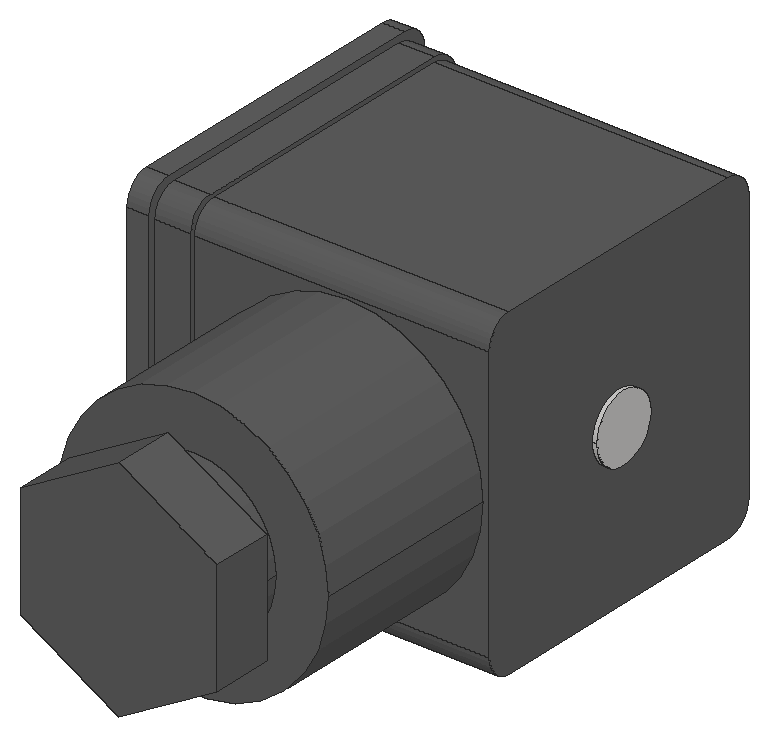
Revit family "Cable plug_IP65_RFA", category Pipe Accessories, Revit 2019
Family settings
  Round Connector Dimension = Use Diameter
  Part Type = Normal
  OmniClass Number = 23.65.55.14.17
  OmniClass Title = Adjusting/Controlling Valves for Liquid Services
  Work Plane-Based = No
  Always vertical = Yes
  Cut with Voids When Loaded = No
  Shared = Yes
Parameters (values of type "Cable plug IP65_042N1278")
  Weight = 0.03 kg
  W = 50.5 mm
  URL = "https://store.danfoss.com/en/Climate-Solutions-for-cooling/Valves/Spare-Parts-and-Accessories-for-Valves/Spare-part%2C-042N-Coil-Type-B%3B-018F-Coil-Type-B%3B-018Z-Coil-Type-B%2C-Cable-plug/p/042N1278"
  Model Type = "Cable plug IP65"
  Model = "042N1278"
  Manufacturer = "Danfoss"  # constant formula
  LOD 350 [instance] = not(LOD 200)  # yes
  LOD 200 [instance] = no
  L = 31.734 mm
  IfcExportType = "Cable plug"  # constant formula
  IfcExportAs = "IfcValveType"  # constant formula
  H = 28 mm
  Description = "Cable plug"  # constant formula
  Body Material = Danfoss Polyamide Black (GF reinforced)
Reference planes
  plane 1 "Center (Front/Back)": y = 0
  plane 2: z = 0
  plane 3 "Center (Left/Right)": x = 0
  plane 4: z = 14
  plane 5: x = 11.534
  plane 6: x = -20.2
  plane 7: y = 14
  plane 8: z = -14
  plane 9: y = -36.5
  plane 10: z = 0
Forms (mm)
  Extrusion 1, solid, material "Danfoss Polyamide Black (GF reinforced)" <- "Body Material", visible <- "LOD 350"
    sketch origin (0, 0, 0) x (0, 1, 0) y (0, 0, 1)
      loop
        arc (-11.2, 13.2) -> (-12.614, 12.614) -> (-13.2, 11.2) r 2
        line (-13.2, 11.2) -> (-13.2, -11.12)
        arc (-13.2, -11.12) -> (-12.591, -12.591) -> (-11.12, -13.2) r 2.08
        line (-11.12, -13.2) -> (11.04, -13.2)
        arc (11.04, -13.2) -> (12.567, -12.567) -> (13.2, -11.04) r 2.16
        line (13.2, -11.04) -> (13.2, 11.12)
        arc (13.2, 11.12) -> (12.591, 12.591) -> (11.12, 13.2) r 2.08
        line (11.12, 13.2) -> (-11.2, 13.2)
    from -12.5 to 11.534
  Extrusion 2, solid, material "Danfoss NBR Black", visible <- "LOD 350"
    sketch origin (0, 0, 0) x (0, 1, 0) y (0, 0, 1)
      loop
        arc (-12, 14) -> (-13.414, 13.414) -> (-14, 12) r 2
        line (-14, 12) -> (-14, -11.95)
        arc (-14, -11.95) -> (-13.4, -13.4) -> (-11.95, -14) r 2.05
        line (-11.95, -14) -> (11.968, -14)
        arc (11.968, -14) -> (13.405, -13.405) -> (14, -11.968) r 2.032
        line (14, -11.968) -> (14, 12.03)
        arc (14, 12.03) -> (13.423, 13.423) -> (12.03, 14) r 1.97
        line (12.03, 14) -> (-12, 14)
    from -17.3 to -15.5
  Extrusion 3, solid, material "Danfoss Polyamide Black (GF reinforced)" <- "Body Material", visible <- "LOD 350"
    sketch origin (0, 0, 0) x (0, 1, 0) y (0, 0, 1)
      loop
        arc (-11.525, 13.5) -> (-12.921, 12.921) -> (-13.5, 11.525) r 1.975
        line (-13.5, 11.525) -> (-13.5, -11.464)
        arc (-13.5, -11.464) -> (-12.904, -12.904) -> (-11.464, -13.5) r 2.036
        line (-11.464, -13.5) -> (11.3, -13.5)
        arc (11.3, -13.5) -> (12.856, -12.856) -> (13.5, -11.3) r 2.2
        line (13.5, -11.3) -> (13.5, 11.287)
        arc (13.5, 11.287) -> (12.852, 12.852) -> (11.287, 13.5) r 2.213
        line (11.287, 13.5) -> (-11.525, 13.5)
    from -15.5 to -12.5
  Extrusion 4, solid, material "Danfoss Silicone White"
    sketch origin (0, 0, 0) x (0, 1, 0) y (0, 0, 1)
      loop
        circle (0, 0) r 1.539
    from -20.2 to -17.3
  Extrusion 5, solid, material "Danfoss Polyamide Black (GF reinforced)" <- "Body Material"
    sketch origin (0, 0, 0) x (1, 0, 0) y (0, 0, 1)
      loop
        circle (0, 0) r 11
    from 0 to 28.856
  Extrusion 6, solid, material "Danfoss Polyamide Black (GF reinforced)" <- "Body Material", visible <- "LOD 200"
    sketch origin (0, 0, 0) x (0, 1, 0) y (0, 0, 1)
      loop
        line (14, 14) -> (-14, 14) -> (-14, -14) -> (14, -14) -> (14, 14)
    from -17.3 to 11.534
  Extrusion 7, solid, material "Danfoss Polyamide Black (GF reinforced)", visible <- "LOD 200"
    sketch origin (0, 0, 0) x (1, 0, 0) y (0, 0, 1)
      loop
        circle (0, 0) r 9
    from 28.856 to 36.5
  Extrusion 8, solid, material "Danfoss Polyamide Black (GF reinforced)" <- "Body Material", visible <- "LOD 350"
    sketch origin (0, 0, 0) x (1, 0, 0) y (0, 0, 1)
      loop
        circle (0, 0) r 6.7
    from 28.856 to 31.45
  Extrusion 9, solid, material "Danfoss Polyamide Black (GF reinforced)" <- "Body Material", visible <- "LOD 350"
    sketch origin (0, 0, 0) x (1, 0, 0) y (0, 0, 1)
      loop
        line (-8, 4.619) -> (-8, -4.619) -> (0, -9.238) -> (8, -4.619) -> (8, 4.619) -> (0, 9.238) -> (-8, 4.619)
    from 31.45 to 36.5
  Extrusion 10, solid, material "Danfoss Stainless Steel", visible <- "LOD 350"
    sketch origin (0, 0, 0) x (0, 1, 0) y (0, 0, 1)
      loop
        circle (0, 0) r 2.731
    from 11.534 to 11.95
Dimensions and locks
  "L": plane 5 to plane 6
  equal spacing: Extrusion 1 sketch curve, plane 2, Extrusion 1 sketch curve
  equal spacing: Extrusion 1 sketch curve, plane 1 "Center (Front/Back)", Extrusion 1 sketch curve
  Extrusion 1 sketch curve to plane 1 "Center (Front/Back)" = 13.2 mm
  plane 2 to Extrusion 1 sketch curve = 13.2 mm
  equal spacing: Extrusion 2 sketch curve, plane 1 "Center (Front/Back)", Extrusion 2 sketch curve
  equal spacing: Extrusion 2 sketch curve, plane 2, Extrusion 2 sketch curve
  plane 2 to Extrusion 2 sketch curve = 14 mm
  Extrusion 2 sketch curve to plane 1 "Center (Front/Back)" = 14 mm
  equal spacing: Extrusion 3 sketch curve, plane 2, Extrusion 3 sketch curve
  plane 2 to Extrusion 3 sketch curve = 13.5 mm
  Extrusion 3 sketch curve to plane 1 "Center (Front/Back)" = 13.5 mm
  equal spacing: Extrusion 3 sketch curve, plane 1 "Center (Front/Back)", Extrusion 3 sketch curve
  "H": plane 4 to plane 8
  "W": plane 9 to plane 7
  radius of Extrusion 3 sketch curve = 2.036 mm
  radius of Extrusion 3 sketch curve = 2.2 mm
  radius of Extrusion 3 sketch curve = 2.213 mm
  radius of Extrusion 3 sketch curve = 1.975 mm
  radius of Extrusion 4 sketch curve = 1.539 mm
  radius of Extrusion 5 sketch curve = 11 mm
  radius of Extrusion 7 sketch curve = 9 mm
  radius of Extrusion 8 sketch curve = 6.7 mm
  radius of Extrusion 10 sketch curve = 2.731 mm
  aligned and locked: level to plane 2
  aligned and locked: plane 5 to Extrusion 1
  aligned and locked: Extrusion 3 to Extrusion 2
  aligned and locked: Extrusion 3 to Extrusion 1
  aligned and locked: Extrusion 4 to plane 6
  aligned and locked: plane 7 to Extrusion 2
  aligned and locked: plane 2 to plane 10
  aligned and locked: plane 4 to Extrusion 6 sketch curve
  aligned and locked: plane 7 to Extrusion 6 sketch curve
  aligned and locked: Extrusion 6 sketch curve to plane 8
  aligned and locked: Extrusion 6 sketch curve to Extrusion 2
  aligned and locked: Extrusion 6 to Extrusion 2
  aligned and locked: plane 5 to Extrusion 6
  aligned and locked: Extrusion 7 to Extrusion 5
  aligned and locked: Extrusion 4 to Extrusion 2
  aligned and locked: Extrusion 8 to Extrusion 5
  aligned and locked: Extrusion 9 to plane 9
  aligned and locked: Extrusion 9 to Extrusion 8
  aligned and locked: Extrusion 7 to plane 9
  aligned and locked: Extrusion 10 to plane 5
Automatic sketch dimensions
  Extrusion 1 sketch curve to Extrusion 1 sketch curve = 2.08 mm  (x2)
  Extrusion 1 sketch curve to Extrusion 1 sketch curve = 2 mm
  Extrusion 1 sketch curve to Extrusion 1 sketch curve = 2.16 mm
  Extrusion 2 sketch curve to Extrusion 2 sketch curve = 2 mm
  Extrusion 2 sketch curve to Extrusion 2 sketch curve = 2.05 mm
  Extrusion 2 sketch curve to Extrusion 2 sketch curve = 2.032 mm
  Extrusion 2 sketch curve to Extrusion 2 sketch curve = 1.97 mm
  Extrusion 4 sketch curve to level = 0 mm
  Extrusion 4 sketch curve to plane 1 "Center (Front/Back)" = 0 mm
  Extrusion 5 sketch curve to level = 0 mm
  Extrusion 5 sketch curve to plane 3 "Center (Left/Right)" = 0 mm
  plane 1 "Center (Front/Back)" to Extrusion 3 sketch curve = 13.5 mm
  Extrusion 7 sketch curve to level = 0 mm
  Extrusion 7 sketch curve to plane 3 "Center (Left/Right)" = 0 mm
  Extrusion 8 sketch curve to level = 0 mm
  Extrusion 8 sketch curve to plane 3 "Center (Left/Right)" = 0 mm
  Extrusion 10 sketch curve to level = 0 mm
  Extrusion 10 sketch curve to plane 1 "Center (Front/Back)" = 0 mm
